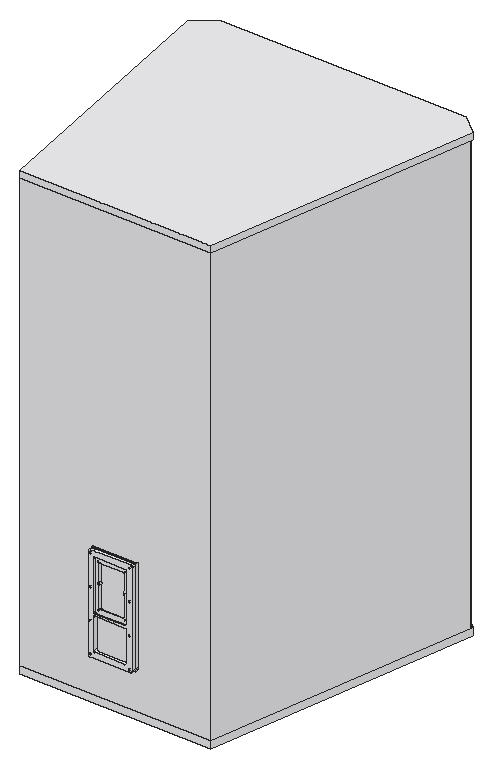
Revit family "EVC-1152-95", category Communication Devices, Revit 2017
Family settings
  Maintain Annotation Orientation = Yes
  Round Connector Dimension = Use Diameter
  Part Type = Normal
  OmniClass Number = 23.85.10.11.11.21
  OmniClass Title = Speakers
  Work Plane-Based = Yes
  Always vertical = Yes
  Cut with Voids When Loaded = No
  Shared = No
  Room Calculation Point = No
Parameters (values of type "EVC115295W_15"_Speaker_90x55_White")
  Uniclass2015Code = "Pr_60_75_08_02"
  URL = ""
  ProductInformation = "https://www.electrovoice.com/binary/EVC-1152-95_15__speaker_90x55_Datasheet_51_en_27960622859.pdf"
  PlanningTools = "https://www.electrovoice.com/product.php?id=2672"
  ModelNumber = "F.01U.329.296"
  Model = ""
  MaterialRALColour = "RAL9010"
  ManufacturerURL = "https://www.electrovoice.com"
  Manufacturer = "Electro Voice"
  LoudspeakerMaterial = 13-plyWeather-resistantBirchEVCoat -RAL9010
  Default Elevation = 0.00 mm
  Width = 433.00 mm  # constant formula
  InstallationManual = "https://www.electrovoice.com/binary/EVC-1152-95_15__speaker_90x55_Datasheet_51_en_27960622859.pdf"
  IfcExportType = "IfcBuildingElementProxyType"
  IfcExportAs = "IfcBuildingElementProxy"
  Length = 683.60 mm  # constant formula
  GrillMaterial = 16GA Powder-coatedGalvanneal - W
  Disclaimer = "http://resource.boschsecurity.com/information/BIM/Disclaimer_Electrovoice.pdf"
  Description = "15-inch, two-way loudspeaker, with 90˚ x 55˚ constant directivity, rotatable waveguide. Power rating: 350 W Continuous, (1400 W Peak). Passive system: 98 dB, 129 dB maximum. Gland nut cover and stainless steel grille on PI versions. Optional high quality transformer and patented. Automatic Saturation Control (ASC) preserve low end in 70V/100V lines."
  Depth = 451.40 mm  # constant formula
  CTN = "EVC115295W"
  ArchitectsAndEngineersSpecs = "https://www.electrovoice.com/binary/EVC-1152-95_15__speaker_90x55_Datasheet_51_en_27960622859.pdf"
Reference planes
  plane 1 "Center (Front/Back)": y = 0
  plane 2: z = 0
  plane 3 "Center (Left/Right)": x = 0
Forms (mm)
  Extrusion 1, solid, material "13-plyWeather-resistantBirchEVCoat -RAL9010" <- "LoudspeakerMaterial"
    sketch origin (0.172, 9, 0) x (1, 0, 0) y (0, 1, 0)
      loop
        line (-216.672, 407.4) -> (-144.836, 0) -> (144.492, 0) -> (216.328, 407.4) -> (185.686, 433.112)
        arc (185.686, 433.112) -> (-0.172, 442.4) -> (-186.03, 433.112) r 1864.11
        line (-186.03, 433.112) -> (-216.672, 407.4)
    from 0 to 10
  Extrusion 2, solid, material "13-plyWeather-resistantBirchEVCoat -RAL9010" <- "LoudspeakerMaterial"
    sketch origin (0.172, 9, 0) x (1, 0, 0) y (0, 1, 0)
      loop
        line (-144.836, 0) -> (144.492, 0) -> (215.446, 402.4) -> (210.369, 402.4) -> (140.297, 5) -> (-140.641, 5) -> (-210.713, 402.4) -> (-215.79, 402.4) -> (-144.836, 0)
    from 10 to 673.6
  Extrusion 3, solid, material "16GA Powder-coatedGalvanneal - W" <- "GrillMaterial"
    sketch origin (0.172, 9, 0) x (1, 0, 0) y (0, 1, 0)
      loop
        line (-213.959, 406.413) -> (-213.252, 402.4) -> (-210.713, 402.4) -> (-211.247, 405.425) -> (-183.998, 428.289)
        arc (-183.998, 428.289) -> (-0.172, 437.4) -> (183.654, 428.289) r 1859.11
        line (183.654, 428.289) -> (210.903, 405.425) -> (210.369, 402.4) -> (212.908, 402.4) -> (213.615, 406.413) -> (184.67, 430.701)
        arc (184.67, 430.701) -> (-0.172, 439.9) -> (-185.014, 430.701) r 1861.61
        line (-185.014, 430.701) -> (-213.959, 406.413)
    from 5 to 678.6
  Extrusion 4, solid, material "13-plyWeather-resistantBirchEVCoat -RAL9010" <- "LoudspeakerMaterial"
    sketch origin (0.172, 9, 673.6) x (0, -1, 0) y (1, 0, 0)
      loop
        line (-407.4, -216.672) -> (0, -144.836) -> (0, 144.492) -> (-407.4, 216.328) -> (-433.112, 185.686)
        arc (-433.112, 185.686) -> (-442.4, -0.172) -> (-433.112, -186.03) r 1864.11
        line (-433.112, -186.03) -> (-407.4, -216.672)
    from 0 to 10
Dimensions and locks
  "Depth": plane 1 "Center (Front/Back)" to Extrusion 4
  "Width": Extrusion 4 to Extrusion 4
  equal spacing: Extrusion 4, plane 3 "Center (Left/Right)", Extrusion 4
  "Length": Extrusion 1 to Extrusion 4
  aligned and locked: plane 2 to level
Automatic sketch dimensions
  Extrusion 1 sketch curve to plane 3 "Center (Left/Right)" = 0.00 mm
  Extrusion 1 sketch curve to plane 1 "Center (Front/Back)" = 9.00 mm
  Extrusion 1 sketch curve to plane 3 "Center (Left/Right)" = 144.664 mm
  Extrusion 1 sketch curve to plane 3 "Center (Left/Right)" = 185.858 mm
  Extrusion 1 sketch curve to Extrusion 1 sketch curve = 30.642 mm  (x2)
  plane 3 "Center (Left/Right)" to Extrusion 1 sketch curve = 144.664 mm
  plane 3 "Center (Left/Right)" to Extrusion 1 sketch curve = 185.858 mm
  plane 1 "Center (Front/Back)" to Extrusion 1 sketch curve = 1412.71 mm
  Extrusion 1 sketch curve to Extrusion 1 sketch curve = 407.40 mm  (x2)
  Extrusion 1 sketch curve to Extrusion 1 sketch curve = 25.712 mm
  Extrusion 2 sketch curve to plane 3 "Center (Left/Right)" = 215.618 mm
  Extrusion 2 sketch curve to Extrusion 2 sketch curve = 5.077 mm  (x2)
  Extrusion 2 sketch curve to plane 1 "Center (Front/Back)" = 9.00 mm
  Extrusion 2 sketch curve to plane 3 "Center (Left/Right)" = 144.664 mm
  Extrusion 2 sketch curve to plane 1 "Center (Front/Back)" = 14.00 mm
  Extrusion 2 sketch curve to Extrusion 2 sketch curve = 4.195 mm  (x2)
  plane 3 "Center (Left/Right)" to Extrusion 2 sketch curve = 140.469 mm
  plane 3 "Center (Left/Right)" to Extrusion 2 sketch curve = 210.541 mm
  Extrusion 2 sketch curve to Extrusion 2 sketch curve = 397.40 mm  (x2)
  Extrusion 3 sketch curve to Extrusion 3 sketch curve = 0.00 mm  (x2)
  Extrusion 3 sketch curve to plane 3 "Center (Left/Right)" = 0.00 mm
  Extrusion 3 sketch curve to plane 3 "Center (Left/Right)" = 183.826 mm
  Extrusion 3 sketch curve to Extrusion 3 sketch curve = 1.016 mm  (x2)
  Extrusion 3 sketch curve to Extrusion 3 sketch curve = 26.715 mm  (x2)
  Extrusion 3 sketch curve to Extrusion 3 sketch curve = 0.533 mm  (x2)
  Extrusion 3 sketch curve to Extrusion 3 sketch curve = 2.539 mm  (x2)
  Extrusion 3 sketch curve to Extrusion 3 sketch curve = 2.713 mm  (x2)
  plane 3 "Center (Left/Right)" to Extrusion 3 sketch curve = 183.826 mm
  plane 1 "Center (Front/Back)" to Extrusion 3 sketch curve = 1412.71 mm
  Extrusion 3 sketch curve to plane 1 "Center (Front/Back)" = 411.40 mm  (x2)
  Extrusion 3 sketch curve to Extrusion 3 sketch curve = 3.025 mm  (x2)
  Extrusion 3 sketch curve to Extrusion 3 sketch curve = 0.987 mm  (x2)
  Extrusion 3 sketch curve to Extrusion 3 sketch curve = 22.864 mm
  Extrusion 3 sketch curve to Extrusion 3 sketch curve = 2.411 mm
  Extrusion 4 sketch curve to plane 3 "Center (Left/Right)" = 0.00 mm
  Extrusion 4 sketch curve to plane 1 "Center (Front/Back)" = 442.112 mm
  Extrusion 4 sketch curve to plane 3 "Center (Left/Right)" = 185.858 mm
  Extrusion 4 sketch curve to Extrusion 4 sketch curve = 0.00 mm
  Extrusion 4 sketch curve to Extrusion 4 sketch curve = 25.712 mm  (x2)
  Extrusion 4 sketch curve to plane 1 "Center (Front/Back)" = 9.00 mm
  plane 1 "Center (Front/Back)" to Extrusion 4 sketch curve = 1412.71 mm
  Extrusion 4 sketch curve to Extrusion 4 sketch curve = 30.642 mm  (x2)
  Extrusion 4 sketch curve to plane 3 "Center (Left/Right)" = 144.664 mm
  plane 3 "Center (Left/Right)" to Extrusion 4 sketch curve = 144.664 mm
Nested families
  nested 1: "2D_CabinetLoudspeaker" at (0, 0, 0) x (-1, 0, 0) z (0, 0, 1), type "LoudSpeaker"
    with Pan2D 0.00°
  nested 2: "InputPanel_small" at (-33.614, 10, 140) x (0, 0, -1) z (1, 0, 0), LoudspeakerMaterial <- "LoudspeakerMaterial", type "InputPanel_small"
    with LoudspeakerMaterial 13-plyWeather-resistantBirchEVCoat -RAL9010
  nested 3: "L-EV" at (0.172, 448.475, 95) x (-1, 0, 0) z (0, 0, 1), type "L-EV"
Connectors
  electrical at (-0.023, 5, 167.216)
    settings: on nested 2, index 1, voltage 0 V, apparent load 0 VA, apparent load phase1 0 VA, apparent load phase2 0 VA, apparent load phase3 0 VA, power factor 1, load classification "Other", number of poles 1, system type 31, power factor state 1, is connector primary yes, connector utility no, sub classification motor no, connector description ""
Definition of nested family "InputPanel_small"
  Parameters (values of type "InputPanel_small")
    Material = ""
    LoudspeakerMaterial [instance] = none
    Default Elevation = 1219.20 mm
  Reference planes
    plane 1 "Center (Front/Back)": y = 0
    plane 2: z = 0
    plane 3 "Center (Left/Right)": x = 0
  Forms (mm)
    Extrusion 1, solid, material <- "LoudspeakerMaterial", not visible
      sketch origin (-97.521, -0.5, 198.121) x (-1, 0, 0) y (0, 0, -1)
        loop
          arc (-169.642, 198.043) -> (-170.257, 197.789) -> (-170.511, 197.174) r 0.869
          line (-170.511, 197.174) -> (-170.511, 131.84)
          arc (-170.511, 131.84) -> (-170.257, 131.226) -> (-169.642, 130.971) r 0.869
          line (-169.642, 130.971) -> (-25.396, 130.971)
          arc (-25.396, 130.971) -> (-24.782, 131.226) -> (-24.527, 131.84) r 0.869
          line (-24.527, 131.84) -> (-24.527, 197.174)
          arc (-24.527, 197.174) -> (-24.782, 197.789) -> (-25.396, 198.043) r 0.869
          line (-25.396, 198.043) -> (-169.642, 198.043)
      from 0 to -0.5
    Extrusion 2, solid, material <- "LoudspeakerMaterial", detail levels medium+fine
      sketch origin (1.214, 0, 125.108) x (-1, 0, 0) y (0, 0, -1)
        loop
          line (70.917, 125.031) -> (-68.488, 125.031)
          arc (-68.488, 125.031) -> (-70.813, 124.068) -> (-71.776, 121.743) r 3.288
          line (-71.776, 121.743) -> (-71.776, 61.229)
          arc (-71.776, 61.229) -> (-70.921, 59.026) -> (-68.815, 57.959) r 3.288
          line (-68.815, 57.959) -> (70.925, 57.959)
          arc (70.925, 57.959) -> (73.25, 58.922) -> (74.212, 61.247) r 3.288
          line (74.212, 61.247) -> (74.205, 121.743)
          arc (74.205, 121.743) -> (73.242, 124.068) -> (70.917, 125.031) r 3.288
        loop
          line (-16.102, 116.673) -> (-61.46, 116.673)
          arc (-61.46, 116.673) -> (-63.304, 115.909) -> (-64.067, 114.066) r 2.607
          line (-64.067, 114.066) -> (-64.067, 69.267)
          arc (-64.067, 69.267) -> (-63.304, 67.424) -> (-61.46, 66.66) r 2.607
          line (-61.46, 66.66) -> (-16.102, 66.658)
          arc (-16.102, 66.658) -> (-14.259, 67.424) -> (-13.495, 69.267) r 2.607
          line (-13.495, 69.267) -> (-13.495, 114.066)
          arc (-13.495, 114.066) -> (-14.259, 115.909) -> (-16.102, 116.673) r 2.607
        loop
          line (64.151, 116.673) -> (-8.801, 116.673)
          arc (-8.801, 116.673) -> (-10.645, 115.909) -> (-11.408, 114.066) r 2.607
          line (-11.408, 114.066) -> (-11.408, 69.267)
          arc (-11.408, 69.267) -> (-10.645, 67.424) -> (-8.801, 66.66) r 2.607
          line (-8.801, 66.66) -> (64.151, 66.658)
          arc (64.151, 66.658) -> (65.994, 67.424) -> (66.758, 69.267) r 2.607
          line (66.758, 69.267) -> (66.758, 114.066)
          arc (66.758, 114.066) -> (65.994, 115.909) -> (64.151, 116.673) r 2.607
        loop
          circle (-67.83, 121.068) r 1.368
        loop
          circle (-21.853, 121.068) r 1.368
        loop
          circle (24.255, 121.068) r 1.368
        loop
          circle (69.993, 121.068) r 1.368
        loop
          circle (-67.961, 61.771) r 1.368
        loop
          circle (-21.984, 61.771) r 1.368
        loop
          circle (24.124, 61.771) r 1.368
        loop
          circle (69.862, 61.771) r 1.368
      from 0 to 10
    Extrusion 3, solid, material <- "LoudspeakerMaterial", detail levels fine
      sketch origin (25.655, 0, 118.331) x (-1, 0, 0) y (0, 0, -1)
        loop
          arc (15.45, 109.952) -> (13.605, 109.187) -> (12.84, 107.342) r 2.61
          line (12.84, 107.342) -> (12.84, 62.493)
          arc (12.84, 62.493) -> (13.606, 60.646) -> (15.45, 59.881) r 2.61
          line (15.45, 59.881) -> (88.485, 59.883)
          arc (88.485, 59.883) -> (90.33, 60.647) -> (91.094, 62.493) r 2.61
          line (91.094, 62.493) -> (91.094, 107.342)
          arc (91.094, 107.342) -> (90.33, 109.187) -> (88.485, 109.952) r 2.61
          line (88.485, 109.952) -> (15.45, 109.952)
        loop
          line (53.049, 104.094) -> (20.673, 104.09)
          arc (20.673, 104.09) -> (20.25, 103.216) -> (19.475, 102.633) r 2.061
          line (19.475, 102.633) -> (19.479, 66.839)
          arc (19.479, 66.839) -> (20.255, 66.255) -> (20.677, 65.382) r 2.061
          line (20.677, 65.382) -> (53.053, 65.386)
          arc (53.053, 65.386) -> (55.067, 67.012) -> (57.082, 65.386) r 2.061
          line (57.082, 65.386) -> (82.875, 65.389)
          arc (82.875, 65.389) -> (83.297, 66.263) -> (84.073, 66.847) r 2.061
          line (84.073, 66.847) -> (84.068, 102.641)
          arc (84.068, 102.641) -> (83.293, 103.224) -> (82.87, 104.098) r 2.061
          line (82.87, 104.098) -> (57.077, 104.095)
          arc (57.077, 104.095) -> (55.063, 102.469) -> (53.049, 104.094) r 2.061
        loop
          circle (55.063, 104.529) r 0.832
        loop
          circle (55.063, 64.893) r 0.832
        loop
          circle (84.767, 104.529) r 0.832
        loop
          circle (84.767, 64.893) r 0.832
        loop
          circle (18.835, 104.529) r 0.832
        loop
          circle (18.835, 64.893) r 0.832
      from 7.5 to 5
    Extrusion 4, solid, material <- "LoudspeakerMaterial"
      sketch origin (1.214, 0, 125.108) x (-1, 0, 0) y (0, 0, -1)
        loop
          line (-71.776, 125.031) -> (-71.776, 57.959) -> (74.213, 57.959) -> (74.205, 125.031) -> (-71.776, 125.031)
      from 0 to 4.337
  Lines and regions (mm)
    model lines, not visible
      curve 1: arc (59.415, -9.5, 70.232) -> (59.756, -9.5, 68.636) -> (60.858, -9.5, 67.432) r 3.109
      curve 2: arc (59.414, -9.5, 82.845) -> (59.754, -9.5, 81.249) -> (60.857, -9.5, 80.045) r 3.109
      curve 3: arc (59.417, -9.5, 63.926) -> (59.752, -9.5, 62.34) -> (60.84, -9.5, 61.139) r 3.108
      curve 4: arc (59.415, -9.5, 76.539) -> (59.75, -9.5, 74.953) -> (60.838, -9.5, 73.752) r 3.108
      curve 5: arc (60.711, -9.5, 72.945) -> (59.72, -9.5, 71.753) -> (59.414, -9.5, 70.232) r 3.166
      curve 6: arc (60.71, -9.5, 85.557) -> (59.718, -9.5, 84.365) -> (59.412, -9.5, 82.845) r 3.166
      curve 7: arc (60.712, -9.5, 66.637) -> (59.721, -9.5, 65.445) -> (59.415, -9.5, 63.926) r 3.165
      curve 8: arc (60.71, -9.5, 79.25) -> (59.72, -9.5, 78.058) -> (59.414, -9.5, 76.539) r 3.165
      curve 9: arc (59.062, -9.5, 76.539) -> (58.721, -9.5, 78.135) -> (57.618, -9.5, 79.339) r 3.109
      curve 10: arc (59.063, -9.5, 63.926) -> (58.723, -9.5, 65.522) -> (57.62, -9.5, 66.726) r 3.109
      curve 11: arc (59.06, -9.5, 82.845) -> (58.725, -9.5, 84.431) -> (57.637, -9.5, 85.632) r 3.108
      curve 12: arc (59.062, -9.5, 70.232) -> (58.726, -9.5, 71.818) -> (57.638, -9.5, 73.019) r 3.108
      curve 13: arc (57.765, -9.5, 73.826) -> (58.757, -9.5, 75.018) -> (59.063, -9.5, 76.539) r 3.166
      curve 14: arc (57.767, -9.5, 61.214) -> (58.758, -9.5, 62.406) -> (59.065, -9.5, 63.926) r 3.166
      curve 15: arc (57.765, -9.5, 80.134) -> (58.756, -9.5, 81.326) -> (59.062, -9.5, 82.845) r 3.165
      curve 16: arc (57.767, -9.5, 67.521) -> (58.757, -9.5, 68.713) -> (59.063, -9.5, 70.232) r 3.165
      curve 17: arc (62.678, -9.5, 67.687) -> (63.752, -9.5, 68.757) -> (64.103, -9.5, 70.233) r 2.775
      curve 18: arc (63.369, -9.5, 67.367) -> (64.444, -9.5, 68.62) -> (64.794, -9.5, 70.233) r 3.371
      curve 19: arc (62.678, -9.5, 67.687) -> (62.999, -9.5, 67.474) -> (63.369, -9.5, 67.367) r 1.273
      curve 20: arc (62.676, -9.5, 80.299) -> (63.75, -9.5, 81.37) -> (64.101, -9.5, 82.846) r 2.775
      curve 21: arc (63.368, -9.5, 79.98) -> (64.442, -9.5, 81.233) -> (64.793, -9.5, 82.846) r 3.371
      curve 22: arc (62.676, -9.5, 80.299) -> (62.998, -9.5, 80.087) -> (63.368, -9.5, 79.98) r 1.273
      curve 23: arc (62.679, -9.5, 61.381) -> (63.752, -9.5, 62.452) -> (64.103, -9.5, 63.927) r 2.774
      curve 24: arc (63.37, -9.5, 61.062) -> (64.444, -9.5, 62.315) -> (64.794, -9.5, 63.927) r 3.37
      curve 25: arc (62.679, -9.5, 61.381) -> (63, -9.5, 61.169) -> (63.37, -9.5, 61.062) r 1.273
      curve 26: arc (62.677, -9.5, 73.994) -> (63.751, -9.5, 75.064) -> (64.101, -9.5, 76.539) r 2.774
      curve 27: arc (63.369, -9.5, 73.675) -> (64.442, -9.5, 74.927) -> (64.793, -9.5, 76.539) r 3.37
      curve 28: arc (62.677, -9.5, 73.994) -> (62.998, -9.5, 73.781) -> (63.369, -9.5, 73.675) r 1.273
      curve 29: arc (64.103, -9.5, 70.233) -> (63.752, -9.5, 71.708) -> (62.677, -9.5, 72.779) r 2.775
      curve 30: arc (63.369, -9.5, 73.098) -> (62.999, -9.5, 72.992) -> (62.677, -9.5, 72.779) r 1.273
      curve 31: arc (64.794, -9.5, 70.233) -> (64.443, -9.5, 71.846) -> (63.369, -9.5, 73.098) r 3.371
      curve 32: arc (64.101, -9.5, 82.846) -> (63.75, -9.5, 84.321) -> (62.676, -9.5, 85.392) r 2.775
      curve 33: arc (63.367, -9.5, 85.711) -> (62.997, -9.5, 85.604) -> (62.676, -9.5, 85.392) r 1.273
      curve 34: arc (64.793, -9.5, 82.846) -> (64.442, -9.5, 84.458) -> (63.367, -9.5, 85.711) r 3.371
      curve 35: arc (64.103, -9.5, 63.927) -> (63.752, -9.5, 65.401) -> (62.678, -9.5, 66.472) r 2.774
      curve 36: arc (63.37, -9.5, 66.791) -> (62.999, -9.5, 66.684) -> (62.678, -9.5, 66.472) r 1.273
      curve 37: arc (64.794, -9.5, 63.927) -> (64.444, -9.5, 65.539) -> (63.37, -9.5, 66.791) r 3.37
      curve 38: arc (64.101, -9.5, 76.539) -> (63.75, -9.5, 78.014) -> (62.676, -9.5, 79.084) r 2.774
      curve 39: arc (63.368, -9.5, 79.404) -> (62.998, -9.5, 79.297) -> (62.676, -9.5, 79.084) r 1.273
      curve 40: arc (64.793, -9.5, 76.539) -> (64.442, -9.5, 78.151) -> (63.368, -9.5, 79.404) r 3.37
      curve 41: arc (59.627, -9.5, 63.926) -> (59.978, -9.5, 62.451) -> (61.052, -9.5, 61.381) r 2.774
      curve 42: arc (61.051, -9.5, 66.471) -> (59.977, -9.5, 65.401) -> (59.627, -9.5, 63.926) r 2.774
      curve 43: arc (59.625, -9.5, 70.232) -> (59.976, -9.5, 68.757) -> (61.051, -9.5, 67.686) r 2.775
      curve 44: arc (61.05, -9.5, 72.779) -> (59.976, -9.5, 71.708) -> (59.625, -9.5, 70.232) r 2.775
      curve 45: arc (59.625, -9.5, 76.539) -> (59.976, -9.5, 75.064) -> (61.05, -9.5, 73.994) r 2.774
      curve 46: arc (61.049, -9.5, 79.084) -> (59.976, -9.5, 78.014) -> (59.625, -9.5, 76.539) r 2.774
      curve 47: arc (59.624, -9.5, 82.845) -> (59.975, -9.5, 81.37) -> (61.049, -9.5, 80.299) r 2.775
      curve 48: arc (61.049, -9.5, 85.391) -> (59.975, -9.5, 84.321) -> (59.624, -9.5, 82.845) r 2.775
      curve 49: arc (65.487, -9.5, 67.368) -> (66.537, -9.5, 68.57) -> (66.91, -9.5, 70.123) r 3.348
      curve 50: arc (65.485, -9.5, 79.98) -> (66.535, -9.5, 81.183) -> (66.909, -9.5, 82.735) r 3.348
      curve 51: arc (66.91, -9.5, 70.344) -> (66.536, -9.5, 71.896) -> (65.486, -9.5, 73.099) r 3.348
      curve 52: arc (66.909, -9.5, 82.956) -> (66.535, -9.5, 84.509) -> (65.485, -9.5, 85.711) r 3.348
      curve 53: arc (65.488, -9.5, 61.062) -> (66.543, -9.5, 62.278) -> (66.911, -9.5, 63.846) r 3.353
      curve 54: arc (65.486, -9.5, 73.675) -> (66.542, -9.5, 74.891) -> (66.909, -9.5, 76.458) r 3.353
      curve 55: arc (66.911, -9.5, 64.008) -> (66.543, -9.5, 65.576) -> (65.487, -9.5, 66.791) r 3.353
      curve 56: arc (66.909, -9.5, 76.621) -> (66.542, -9.5, 78.189) -> (65.485, -9.5, 79.404) r 3.353
      curve 57: arc (61.368, -9.5, 70.233) -> (61.701, -9.5, 68.86) -> (62.728, -9.5, 67.892) r 2.482
      curve 58: arc (61.369, -9.5, 63.926) -> (61.702, -9.5, 62.554) -> (62.729, -9.5, 61.585) r 2.482
      curve 59: arc (61.777, -9.5, 65.419) -> (61.47, -9.5, 64.701) -> (61.369, -9.5, 63.926) r 2.857
      curve 60: arc (62.453, -9.5, 65.577) -> (62.398, -9.5, 65.499) -> (62.347, -9.5, 65.419) r 2.446
      curve 61: arc (61.777, -9.5, 71.725) -> (61.469, -9.5, 71.007) -> (61.368, -9.5, 70.233) r 2.857
      curve 62: arc (62.452, -9.5, 71.883) -> (62.398, -9.5, 71.805) -> (62.346, -9.5, 71.725) r 2.446
      curve 63: arc (61.367, -9.5, 76.539) -> (61.7, -9.5, 75.167) -> (62.727, -9.5, 74.198) r 2.482
      curve 64: arc (61.367, -9.5, 82.845) -> (61.699, -9.5, 81.473) -> (62.727, -9.5, 80.504) r 2.482
      curve 65: arc (61.776, -9.5, 78.031) -> (61.469, -9.5, 77.313) -> (61.367, -9.5, 76.539) r 2.857
      curve 66: arc (62.452, -9.5, 78.19) -> (62.397, -9.5, 78.112) -> (62.345, -9.5, 78.032) r 2.446
      curve 67: arc (61.775, -9.5, 84.338) -> (61.468, -9.5, 83.62) -> (61.367, -9.5, 82.845) r 2.857
      curve 68: arc (62.451, -9.5, 84.496) -> (62.396, -9.5, 84.418) -> (62.345, -9.5, 84.338) r 2.446
      curve 69: arc (55.799, -9.5, 79.084) -> (54.725, -9.5, 78.014) -> (54.374, -9.5, 76.538) r 2.775
      curve 70: arc (55.107, -9.5, 79.404) -> (54.033, -9.5, 78.151) -> (53.682, -9.5, 76.538) r 3.371
      curve 71: arc (55.799, -9.5, 79.084) -> (55.478, -9.5, 79.297) -> (55.107, -9.5, 79.404) r 1.273
      curve 72: arc (55.8, -9.5, 66.472) -> (54.726, -9.5, 65.401) -> (54.376, -9.5, 63.925) r 2.775
      curve 73: arc (55.109, -9.5, 66.791) -> (54.035, -9.5, 65.538) -> (53.684, -9.5, 63.925) r 3.371
      curve 74: arc (55.8, -9.5, 66.472) -> (55.479, -9.5, 66.684) -> (55.109, -9.5, 66.791) r 1.273
      curve 75: arc (55.798, -9.5, 85.39) -> (54.725, -9.5, 84.319) -> (54.374, -9.5, 82.844) r 2.774
      curve 76: arc (55.107, -9.5, 85.709) -> (54.033, -9.5, 84.456) -> (53.682, -9.5, 82.844) r 3.37
      curve 77: arc (55.798, -9.5, 85.39) -> (55.477, -9.5, 85.602) -> (55.107, -9.5, 85.709) r 1.273
      curve 78: arc (55.8, -9.5, 72.777) -> (54.726, -9.5, 71.707) -> (54.376, -9.5, 70.232) r 2.774
      curve 79: arc (55.108, -9.5, 73.096) -> (54.034, -9.5, 71.844) -> (53.684, -9.5, 70.232) r 3.37
      curve 80: arc (55.8, -9.5, 72.777) -> (55.478, -9.5, 72.99) -> (55.108, -9.5, 73.096) r 1.273
      curve 81: arc (54.374, -9.5, 76.538) -> (54.725, -9.5, 75.063) -> (55.8, -9.5, 73.992) r 2.775
      curve 82: arc (55.108, -9.5, 73.673) -> (55.478, -9.5, 73.779) -> (55.8, -9.5, 73.992) r 1.273
      curve 83: arc (53.682, -9.5, 76.538) -> (54.033, -9.5, 74.925) -> (55.108, -9.5, 73.673) r 3.371
      curve 84: arc (54.376, -9.5, 63.925) -> (54.727, -9.5, 62.45) -> (55.801, -9.5, 61.379) r 2.775
      curve 85: arc (55.11, -9.5, 61.06) -> (55.48, -9.5, 61.167) -> (55.801, -9.5, 61.379) r 1.273
      curve 86: arc (53.684, -9.5, 63.925) -> (54.035, -9.5, 62.313) -> (55.11, -9.5, 61.06) r 3.371
      curve 87: arc (54.374, -9.5, 82.844) -> (54.725, -9.5, 81.369) -> (55.799, -9.5, 80.299) r 2.774
      curve 88: arc (55.107, -9.5, 79.98) -> (55.477, -9.5, 80.087) -> (55.799, -9.5, 80.299) r 1.273
      curve 89: arc (53.682, -9.5, 82.844) -> (54.033, -9.5, 81.232) -> (55.107, -9.5, 79.98) r 3.37
      curve 90: arc (54.376, -9.5, 70.232) -> (54.726, -9.5, 68.757) -> (55.8, -9.5, 67.687) r 2.774
      curve 91: arc (55.109, -9.5, 67.367) -> (55.479, -9.5, 67.474) -> (55.8, -9.5, 67.687) r 1.273
      curve 92: arc (53.684, -9.5, 70.232) -> (54.035, -9.5, 68.62) -> (55.109, -9.5, 67.367) r 3.37
      curve 93: arc (58.85, -9.5, 82.845) -> (58.499, -9.5, 84.32) -> (57.425, -9.5, 85.39) r 2.774
      curve 94: arc (57.426, -9.5, 80.3) -> (58.499, -9.5, 81.37) -> (58.85, -9.5, 82.845) r 2.774
      curve 95: arc (58.851, -9.5, 76.539) -> (58.5, -9.5, 78.014) -> (57.426, -9.5, 79.085) r 2.775
      curve 96: arc (57.427, -9.5, 73.992) -> (58.501, -9.5, 75.063) -> (58.851, -9.5, 76.539) r 2.775
      curve 97: arc (58.852, -9.5, 70.232) -> (58.501, -9.5, 71.707) -> (57.427, -9.5, 72.777) r 2.774
      curve 98: arc (57.427, -9.5, 67.687) -> (58.501, -9.5, 68.757) -> (58.852, -9.5, 70.232) r 2.774
      curve 99: arc (58.853, -9.5, 63.926) -> (58.502, -9.5, 65.401) -> (57.428, -9.5, 66.472) r 2.775
      curve 100: arc (57.428, -9.5, 61.38) -> (58.502, -9.5, 62.45) -> (58.853, -9.5, 63.926) r 2.775
      curve 101: arc (52.99, -9.5, 79.403) -> (51.94, -9.5, 78.2) -> (51.567, -9.5, 76.648) r 3.348
      curve 102: arc (52.991, -9.5, 66.791) -> (51.942, -9.5, 65.588) -> (51.568, -9.5, 64.036) r 3.348
      curve 103: arc (51.567, -9.5, 76.427) -> (51.94, -9.5, 74.875) -> (52.991, -9.5, 73.672) r 3.348
      curve 104: arc (51.568, -9.5, 63.815) -> (51.942, -9.5, 62.262) -> (52.992, -9.5, 61.06) r 3.348
      curve 105: arc (52.989, -9.5, 85.709) -> (51.933, -9.5, 84.493) -> (51.566, -9.5, 82.925) r 3.353
      curve 106: arc (52.991, -9.5, 73.096) -> (51.935, -9.5, 71.88) -> (51.567, -9.5, 70.313) r 3.353
      curve 107: arc (51.566, -9.5, 82.763) -> (51.934, -9.5, 81.195) -> (52.99, -9.5, 79.98) r 3.353
      curve 108: arc (51.567, -9.5, 70.15) -> (51.935, -9.5, 68.582) -> (52.991, -9.5, 67.367) r 3.353
      curve 109: arc (57.108, -9.5, 82.845) -> (56.775, -9.5, 84.217) -> (55.748, -9.5, 85.186) r 2.482
      curve 110: arc (57.109, -9.5, 76.538) -> (56.776, -9.5, 77.911) -> (55.749, -9.5, 78.879) r 2.482
      curve 111: arc (56.7, -9.5, 75.046) -> (57.007, -9.5, 75.764) -> (57.109, -9.5, 76.538) r 2.857
      curve 112: arc (56.024, -9.5, 74.888) -> (56.079, -9.5, 74.966) -> (56.131, -9.5, 75.046) r 2.446
      curve 113: arc (56.699, -9.5, 81.352) -> (57.007, -9.5, 82.07) -> (57.108, -9.5, 82.845) r 2.857
      curve 114: arc (56.024, -9.5, 81.194) -> (56.078, -9.5, 81.272) -> (56.13, -9.5, 81.352) r 2.446
      curve 115: arc (57.109, -9.5, 70.232) -> (56.777, -9.5, 71.604) -> (55.749, -9.5, 72.573) r 2.482
      curve 116: arc (57.11, -9.5, 63.926) -> (56.777, -9.5, 65.298) -> (55.75, -9.5, 66.267) r 2.482
      curve 117: arc (56.702, -9.5, 62.433) -> (57.009, -9.5, 63.151) -> (57.11, -9.5, 63.926) r 2.857
      curve 118: arc (56.026, -9.5, 62.275) -> (56.081, -9.5, 62.353) -> (56.132, -9.5, 62.433) r 2.446
      curve 119: arc (56.701, -9.5, 68.739) -> (57.008, -9.5, 69.458) -> (57.109, -9.5, 70.232) r 2.857
      curve 120: arc (56.025, -9.5, 68.581) -> (56.08, -9.5, 68.659) -> (56.131, -9.5, 68.739) r 2.446
      curve 121: spline (77.962, -9.5, 59.963) -> (78.093, -9.5, 59.972) -> (78.223, -9.5, 59.998) -> (78.348, -9.5, 60.04) -> (78.466, -9.5, 60.099) -> (78.576, -9.5, 60.172) -> (78.675, -9.5, 60.259) -> (78.762, -9.5, 60.358) -> (78.835, -9.5, 60.468) -> (78.894, -9.5, 60.586) -> (78.936, -9.5, 60.711) -> (78.962, -9.5, 60.841) -> (78.97, -9.5, 60.972)
      curve 122: spline (78.967, -9.5, 85.803) -> (78.959, -9.5, 85.935) -> (78.933, -9.5, 86.065) -> (78.891, -9.5, 86.19) -> (78.832, -9.5, 86.308) -> (78.759, -9.5, 86.418) -> (78.672, -9.5, 86.517) -> (78.573, -9.5, 86.604) -> (78.463, -9.5, 86.677) -> (78.344, -9.5, 86.735) -> (78.22, -9.5, 86.778) -> (78.09, -9.5, 86.804) -> (77.958, -9.5, 86.812)
      curve 123: spline (40.515, -9.5, 86.808) -> (40.383, -9.5, 86.799) -> (40.254, -9.5, 86.773) -> (40.129, -9.5, 86.731) -> (40.01, -9.5, 86.672) -> (39.901, -9.5, 86.599) -> (39.801, -9.5, 86.512) -> (39.714, -9.5, 86.413) -> (39.641, -9.5, 86.303) -> (39.583, -9.5, 86.185) -> (39.54, -9.5, 86.06) -> (39.515, -9.5, 85.93) -> (39.506, -9.5, 85.799)
      curve 124: spline (39.509, -9.5, 60.97) -> (39.517, -9.5, 60.838) -> (39.543, -9.5, 60.708) -> (39.585, -9.5, 60.583) -> (39.643, -9.5, 60.464) -> (39.717, -9.5, 60.354) -> (39.804, -9.5, 60.255) -> (39.903, -9.5, 60.168) -> (40.013, -9.5, 60.094) -> (40.131, -9.5, 60.036) -> (40.256, -9.5, 59.993) -> (40.386, -9.5, 59.967) -> (40.518, -9.5, 59.959)
      curve 125: spline (40.57, -9.5, 86.753) -> (40.438, -9.5, 86.744) -> (40.309, -9.5, 86.718) -> (40.184, -9.5, 86.676) -> (40.065, -9.5, 86.617) -> (39.956, -9.5, 86.544) -> (39.856, -9.5, 86.457) -> (39.769, -9.5, 86.358) -> (39.696, -9.5, 86.248) -> (39.638, -9.5, 86.13) -> (39.595, -9.5, 86.005) -> (39.57, -9.5, 85.875) -> (39.561, -9.5, 85.744)
      curve 126: spline (39.564, -9.5, 61.023) -> (39.573, -9.5, 60.891) -> (39.598, -9.5, 60.761) -> (39.641, -9.5, 60.636) -> (39.699, -9.5, 60.518) -> (39.773, -9.5, 60.408) -> (39.86, -9.5, 60.309) -> (39.959, -9.5, 60.222) -> (40.069, -9.5, 60.149) -> (40.187, -9.5, 60.091) -> (40.312, -9.5, 60.048) -> (40.441, -9.5, 60.022) -> (40.573, -9.5, 60.014)
      curve 127: spline (78.912, -9.5, 85.748) -> (78.904, -9.5, 85.88) -> (78.878, -9.5, 86.01) -> (78.835, -9.5, 86.134) -> (78.777, -9.5, 86.253) -> (78.704, -9.5, 86.363) -> (78.617, -9.5, 86.462) -> (78.518, -9.5, 86.549) -> (78.408, -9.5, 86.622) -> (78.289, -9.5, 86.68) -> (78.164, -9.5, 86.723) -> (78.035, -9.5, 86.749) -> (77.903, -9.5, 86.757)
      curve 128: spline (77.907, -9.5, 60.018) -> (78.038, -9.5, 60.027) -> (78.168, -9.5, 60.053) -> (78.293, -9.5, 60.095) -> (78.411, -9.5, 60.154) -> (78.521, -9.5, 60.227) -> (78.62, -9.5, 60.314) -> (78.707, -9.5, 60.413) -> (78.78, -9.5, 60.523) -> (78.839, -9.5, 60.641) -> (78.881, -9.5, 60.766) -> (78.907, -9.5, 60.896) -> (78.915, -9.5, 61.027)
      curve 129: line (63.979, -9.5, 70.233) -> (63.818, -9.5, 71.221)
      curve 130: line (63.818, -9.5, 71.221) -> (63.359, -9.5, 72.059)
      curve 131: line (63.359, -9.5, 72.059) -> (62.673, -9.5, 72.618)
      curve 132: line (62.673, -9.5, 72.618) -> (61.864, -9.5, 72.815)
      curve 133: line (61.864, -9.5, 72.815) -> (61.054, -9.5, 72.618)
      curve 134: line (61.054, -9.5, 72.618) -> (60.368, -9.5, 72.058)
      curve 135: line (60.368, -9.5, 72.058) -> (59.91, -9.5, 71.221)
      curve 136: line (59.91, -9.5, 71.221) -> (59.749, -9.5, 70.232)
      curve 137: line (59.749, -9.5, 70.232) -> (59.91, -9.5, 69.244)
      curve 138: line (59.91, -9.5, 69.244) -> (60.369, -9.5, 68.407)
      curve 139: line (60.369, -9.5, 68.407) -> (61.055, -9.5, 67.847)
      curve 140: line (61.055, -9.5, 67.847) -> (61.864, -9.5, 67.651)
      curve 141: line (61.864, -9.5, 67.651) -> (62.674, -9.5, 67.847)
      curve 142: line (62.674, -9.5, 67.847) -> (63.36, -9.5, 68.407)
      curve 143: line (63.36, -9.5, 68.407) -> (63.815, -9.5, 69.238)
      curve 144: line (63.818, -9.5, 69.245) -> (64.103, -9.5, 70.233)
      curve 145: line (64.103, -9.5, 70.233) -> (64.794, -9.5, 70.233)
      curve 146: line (64.794, -9.5, 70.233) -> (66.912, -9.5, 70.233)
      curve 147: line (66.912, -9.5, 70.233) -> (66.911, -9.5, 64.008)
      curve 148: line (63.978, -9.5, 82.846) -> (63.817, -9.5, 83.834)
      curve 149: line (63.817, -9.5, 83.834) -> (63.358, -9.5, 84.671)
      curve 150: line (63.358, -9.5, 84.671) -> (62.672, -9.5, 85.231)
      curve 151: line (62.672, -9.5, 85.231) -> (61.862, -9.5, 85.427)
      curve 152: line (61.862, -9.5, 85.427) -> (61.053, -9.5, 85.231)
      curve 153: line (61.053, -9.5, 85.231) -> (60.367, -9.5, 84.671)
      curve 154: line (60.367, -9.5, 84.671) -> (59.908, -9.5, 83.833)
      curve 155: line (59.908, -9.5, 83.833) -> (59.747, -9.5, 82.845)
      curve 156: line (59.747, -9.5, 82.845) -> (59.908, -9.5, 81.857)
      curve 157: line (59.908, -9.5, 81.857) -> (60.367, -9.5, 81.019)
      curve 158: line (60.367, -9.5, 81.019) -> (61.053, -9.5, 80.46)
      curve 159: line (61.053, -9.5, 80.46) -> (61.863, -9.5, 80.263)
      curve 160: line (61.863, -9.5, 80.263) -> (62.672, -9.5, 80.46)
      curve 161: line (62.672, -9.5, 80.46) -> (63.358, -9.5, 81.02)
      curve 162: line (63.358, -9.5, 81.02) -> (63.813, -9.5, 81.851)
      curve 163: line (63.817, -9.5, 81.857) -> (64.101, -9.5, 82.846)
      curve 164: line (64.101, -9.5, 82.846) -> (64.793, -9.5, 82.846)
      curve 165: line (64.793, -9.5, 82.846) -> (66.91, -9.5, 82.846)
      curve 166: line (66.91, -9.5, 82.846) -> (66.909, -9.5, 76.621)
      curve 167: line (63.98, -9.5, 63.927) -> (63.819, -9.5, 64.915)
      curve 168: line (63.819, -9.5, 64.915) -> (63.36, -9.5, 65.752)
      curve 169: line (63.36, -9.5, 65.752) -> (62.674, -9.5, 66.312)
      curve 170: line (62.674, -9.5, 66.312) -> (61.864, -9.5, 66.508)
      curve 171: line (61.864, -9.5, 66.508) -> (61.055, -9.5, 66.312)
      curve 172: line (61.055, -9.5, 66.312) -> (60.369, -9.5, 65.752)
      curve 173: line (60.369, -9.5, 65.752) -> (59.911, -9.5, 64.914)
      curve 174: line (59.911, -9.5, 64.914) -> (59.75, -9.5, 63.926)
      curve 175: line (59.75, -9.5, 63.926) -> (59.911, -9.5, 62.938)
      curve 176: line (59.911, -9.5, 62.938) -> (60.369, -9.5, 62.1)
      curve 177: line (60.369, -9.5, 62.1) -> (61.056, -9.5, 61.541)
      curve 178: line (61.056, -9.5, 61.541) -> (61.865, -9.5, 61.344)
      curve 179: line (61.865, -9.5, 61.344) -> (62.675, -9.5, 61.541)
      curve 180: line (62.675, -9.5, 61.541) -> (63.361, -9.5, 62.101)
      curve 181: line (63.361, -9.5, 62.101) -> (63.815, -9.5, 62.932)
      curve 182: line (63.819, -9.5, 62.938) -> (64.103, -9.5, 63.927)
      curve 183: line (64.103, -9.5, 63.927) -> (64.794, -9.5, 63.927)
      curve 184: line (64.794, -9.5, 63.927) -> (66.912, -9.5, 63.927)
      curve 185: line (66.912, -9.5, 63.927) -> (66.911, -9.5, 60.774)
      curve 186: line (66.911, -9.5, 60.774) -> (65.488, -9.5, 60.774)
      curve 187: line (65.488, -9.5, 60.774) -> (68.6, -9.5, 60.646)
      curve 188: line (68.6, -9.5, 60.646) -> (68.722, -9.5, 60.469)
      curve 189: line (68.722, -9.5, 60.469) -> (65.589, -9.5, 60.469)
      curve 190: line (65.589, -9.5, 60.469) -> (65.467, -9.5, 60.646)
      curve 191: line (63.978, -9.5, 76.539) -> (63.817, -9.5, 77.527)
      curve 192: line (63.817, -9.5, 77.527) -> (63.359, -9.5, 78.365)
      curve 193: line (63.359, -9.5, 78.365) -> (62.672, -9.5, 78.925)
      curve 194: line (62.672, -9.5, 78.925) -> (61.863, -9.5, 79.121)
      curve 195: line (61.863, -9.5, 79.121) -> (61.054, -9.5, 78.924)
      curve 196: line (61.054, -9.5, 78.924) -> (60.367, -9.5, 78.365)
      curve 197: line (60.367, -9.5, 78.365) -> (59.909, -9.5, 77.527)
      curve 198: line (59.909, -9.5, 77.527) -> (59.748, -9.5, 76.539)
      curve 199: line (59.748, -9.5, 76.539) -> (59.909, -9.5, 75.551)
      curve 200: line (59.909, -9.5, 75.551) -> (60.368, -9.5, 74.713)
      curve 201: line (60.368, -9.5, 74.713) -> (61.054, -9.5, 74.153)
      curve 202: line (61.054, -9.5, 74.153) -> (61.864, -9.5, 73.957)
      curve 203: line (61.864, -9.5, 73.957) -> (62.673, -9.5, 74.153)
      curve 204: line (62.673, -9.5, 74.153) -> (63.359, -9.5, 74.713)
      curve 205: line (63.359, -9.5, 74.713) -> (63.814, -9.5, 75.544)
      curve 206: line (63.818, -9.5, 75.551) -> (64.101, -9.5, 76.539)
      curve 207: line (64.101, -9.5, 76.539) -> (64.793, -9.5, 76.539)
      curve 208: line (64.793, -9.5, 76.539) -> (66.91, -9.5, 76.54)
      curve 209: line (66.91, -9.5, 76.54) -> (66.91, -9.5, 70.344)
      curve 210: line (61.049, -9.5, 85.998) -> (60.837, -9.5, 85.998)
      curve 211: line (60.837, -9.5, 85.998) -> (60.837, -9.5, 85.655)
      curve 212: line (60.916, -9.5, 85.517) -> (61.049, -9.5, 85.391)
      curve 213: line (61.049, -9.5, 85.391) -> (61.049, -9.5, 85.998)
      curve 214: line (61.049, -9.5, 85.998) -> (62.676, -9.5, 85.999)
      curve 215: line (62.676, -9.5, 85.999) -> (62.676, -9.5, 85.392)
      curve 216: line (62.676, -9.5, 79.084) -> (62.676, -9.5, 80.299)
      curve 217: line (62.677, -9.5, 72.779) -> (62.677, -9.5, 73.994)
      curve 218: line (62.678, -9.5, 66.472) -> (62.678, -9.5, 67.687)
      curve 219: line (61.052, -9.5, 60.773) -> (60.84, -9.5, 60.773)
      curve 220: line (60.84, -9.5, 60.773) -> (60.84, -9.5, 61.139)
      curve 221: line (60.918, -9.5, 61.255) -> (61.052, -9.5, 61.381)
      curve 222: line (61.052, -9.5, 61.381) -> (61.052, -9.5, 60.773)
      curve 223: line (61.052, -9.5, 60.773) -> (62.679, -9.5, 60.773)
      curve 224: line (62.679, -9.5, 60.773) -> (62.679, -9.5, 61.381)
      curve 225: line (60.839, -9.5, 66.735) -> (60.842, -9.5, 67.413)
      curve 226: line (60.918, -9.5, 67.56) -> (61.051, -9.5, 67.686)
      curve 227: line (61.051, -9.5, 67.686) -> (61.051, -9.5, 66.471)
      curve 228: line (61.051, -9.5, 66.471) -> (60.918, -9.5, 66.598)
      curve 229: line (61.05, -9.5, 72.779) -> (61.05, -9.5, 73.994)
      curve 230: line (61.05, -9.5, 73.994) -> (60.917, -9.5, 73.867)
      curve 231: line (60.838, -9.5, 73.752) -> (60.838, -9.5, 73.043)
      curve 232: line (60.917, -9.5, 72.905) -> (61.05, -9.5, 72.779)
      curve 233: line (60.838, -9.5, 79.348) -> (60.841, -9.5, 80.026)
      curve 234: line (60.916, -9.5, 80.173) -> (61.049, -9.5, 80.299)
      curve 235: line (61.049, -9.5, 80.299) -> (61.049, -9.5, 79.084)
      curve 236: line (61.049, -9.5, 79.084) -> (60.916, -9.5, 79.21)
      curve 237: line (65.486, -9.5, 73.675) -> (63.369, -9.5, 73.675)
      curve 238: line (63.369, -9.5, 73.675) -> (63.369, -9.5, 73.098)
      curve 239: line (63.369, -9.5, 73.098) -> (65.486, -9.5, 73.099)
      curve 240: line (65.486, -9.5, 73.099) -> (65.486, -9.5, 73.675)
      curve 241: line (65.487, -9.5, 67.368) -> (65.487, -9.5, 66.791)
      curve 242: line (65.487, -9.5, 66.791) -> (63.37, -9.5, 66.791)
      curve 243: line (63.37, -9.5, 66.791) -> (63.369, -9.5, 67.367)
      curve 244: line (63.369, -9.5, 67.367) -> (65.487, -9.5, 67.368)
      curve 245: line (65.485, -9.5, 79.98) -> (65.485, -9.5, 79.404)
      curve 246: line (65.485, -9.5, 79.404) -> (63.368, -9.5, 79.404)
      curve 247: line (63.368, -9.5, 79.404) -> (63.368, -9.5, 79.98)
      curve 248: line (63.368, -9.5, 79.98) -> (65.485, -9.5, 79.98)
      curve 249: line (63.37, -9.5, 60.773) -> (65.488, -9.5, 60.774)
      curve 250: line (65.488, -9.5, 60.774) -> (65.488, -9.5, 61.062)
      curve 251: line (65.488, -9.5, 61.062) -> (63.37, -9.5, 61.062)
      curve 252: line (63.37, -9.5, 61.062) -> (63.37, -9.5, 60.773)
      curve 253: line (63.37, -9.5, 60.773) -> (62.679, -9.5, 60.773)
      curve 254: line (62.676, -9.5, 85.999) -> (63.367, -9.5, 85.999)
      curve 255: line (63.367, -9.5, 85.999) -> (63.367, -9.5, 85.711)
      curve 256: line (63.367, -9.5, 85.711) -> (65.485, -9.5, 85.711)
      curve 257: line (65.485, -9.5, 85.711) -> (65.485, -9.5, 85.999)
      curve 258: line (65.485, -9.5, 85.999) -> (63.367, -9.5, 85.999)
      curve 259: line (63.973, -9.5, 63.722) -> (62.18, -9.5, 65.91)
      curve 260: line (62.18, -9.5, 65.91) -> (62.671, -9.5, 66.243)
      curve 261: line (63.973, -9.5, 70.028) -> (62.179, -9.5, 72.217)
      curve 262: line (62.179, -9.5, 72.217) -> (62.67, -9.5, 72.549)
      curve 263: line (63.946, -9.5, 63.467) -> (62.347, -9.5, 65.419)
      curve 264: line (62.347, -9.5, 65.419) -> (61.777, -9.5, 65.419)
      curve 265: line (61.777, -9.5, 65.419) -> (63.815, -9.5, 62.932)
      curve 266: line (63.945, -9.5, 69.773) -> (62.346, -9.5, 71.725)
      curve 267: line (62.346, -9.5, 71.725) -> (61.777, -9.5, 71.725)
      curve 268: line (61.777, -9.5, 71.725) -> (63.815, -9.5, 69.238)
      curve 269: line (63.945, -9.5, 76.08) -> (62.345, -9.5, 78.032)
      curve 270: line (62.345, -9.5, 78.032) -> (61.776, -9.5, 78.031)
      curve 271: line (61.776, -9.5, 78.031) -> (63.814, -9.5, 75.544)
      curve 272: line (63.972, -9.5, 76.334) -> (62.178, -9.5, 78.523)
      curve 273: line (62.178, -9.5, 78.523) -> (62.669, -9.5, 78.856)
      curve 274: line (63.971, -9.5, 82.641) -> (62.178, -9.5, 84.829)
      curve 275: line (62.178, -9.5, 84.829) -> (62.669, -9.5, 85.162)
      curve 276: line (63.944, -9.5, 82.386) -> (62.345, -9.5, 84.338)
      curve 277: line (62.345, -9.5, 84.338) -> (61.775, -9.5, 84.338)
      curve 278: line (61.775, -9.5, 84.338) -> (63.813, -9.5, 81.851)
      curve 279: line (66.909, -9.5, 82.956) -> (66.908, -9.5, 85.999)
      curve 280: line (66.908, -9.5, 85.999) -> (72.332, -9.5, 86)
      curve 281: line (72.332, -9.5, 86) -> (72.335, -9.5, 60.774)
      curve 282: line (72.335, -9.5, 60.774) -> (66.911, -9.5, 60.774)
      curve 283: line (65.485, -9.5, 85.999) -> (66.908, -9.5, 85.999)
      curve 284: line (72.332, -9.5, 86) -> (72.658, -9.5, 86)
      curve 285: line (72.658, -9.5, 86) -> (72.661, -9.5, 60.775)
      curve 286: line (72.661, -9.5, 60.775) -> (72.335, -9.5, 60.774)
      curve 287: line (72.335, -9.5, 60.774) -> (72.464, -9.5, 60.647)
      curve 288: line (72.464, -9.5, 60.647) -> (72.586, -9.5, 60.47)
      curve 289: line (73.116, -9.5, 67.379) -> (73.115, -9.5, 72.891)
      curve 290: line (73.115, -9.5, 72.891) -> (77.33, -9.5, 72.891)
      curve 291: line (77.33, -9.5, 72.891) -> (77.331, -9.5, 67.379)
      curve 292: line (77.331, -9.5, 67.379) -> (73.116, -9.5, 67.379)
      curve 293: line (77.331, -9.5, 66.783) -> (77.332, -9.5, 61.272)
      curve 294: line (77.332, -9.5, 61.272) -> (73.116, -9.5, 61.271)
      curve 295: line (73.116, -9.5, 61.271) -> (73.116, -9.5, 66.783)
      curve 296: line (73.116, -9.5, 66.783) -> (77.331, -9.5, 66.783)
      curve 297: line (72.661, -9.5, 60.775) -> (77.787, -9.5, 60.775)
      curve 298: line (77.787, -9.5, 60.775) -> (77.784, -9.5, 86)
      curve 299: line (77.784, -9.5, 86) -> (72.658, -9.5, 86)
      curve 300: line (73.114, -9.5, 79.991) -> (73.113, -9.5, 85.503)
      curve 301: line (73.113, -9.5, 85.503) -> (77.329, -9.5, 85.504)
      curve 302: line (77.329, -9.5, 85.504) -> (77.329, -9.5, 79.992)
      curve 303: line (77.329, -9.5, 79.992) -> (73.114, -9.5, 79.991)
      curve 304: line (77.329, -9.5, 79.396) -> (77.33, -9.5, 73.884)
      curve 305: line (77.33, -9.5, 73.884) -> (73.115, -9.5, 73.884)
      curve 306: line (73.115, -9.5, 73.884) -> (73.114, -9.5, 79.396)
      curve 307: line (73.114, -9.5, 79.396) -> (77.329, -9.5, 79.396)
      curve 308: line (73.114, -9.5, 81.158) -> (74.522, -9.5, 81.159)
      curve 309: line (74.522, -9.5, 81.159) -> (74.848, -9.5, 80.47)
      curve 310: line (74.848, -9.5, 80.47) -> (75.233, -9.5, 79.992)
      curve 311: line (73.116, -9.5, 68.546) -> (74.524, -9.5, 68.546)
      curve 312: line (74.524, -9.5, 68.546) -> (74.849, -9.5, 67.858)
      curve 313: line (74.849, -9.5, 67.858) -> (75.235, -9.5, 67.379)
      curve 314: line (73.114, -9.5, 78.229) -> (74.523, -9.5, 78.229)
      curve 315: line (74.523, -9.5, 78.229) -> (74.848, -9.5, 78.917)
      curve 316: line (74.848, -9.5, 78.917) -> (75.233, -9.5, 79.396)
      curve 317: line (73.116, -9.5, 65.616) -> (74.524, -9.5, 65.616)
      curve 318: line (74.524, -9.5, 65.616) -> (74.85, -9.5, 66.304)
      curve 319: line (74.85, -9.5, 66.304) -> (75.235, -9.5, 66.783)
      curve 320: line (73.116, -9.5, 62.239) -> (74.525, -9.5, 62.24)
      curve 321: line (74.525, -9.5, 62.24) -> (74.85, -9.5, 61.552)
      curve 322: line (74.85, -9.5, 61.552) -> (75.076, -9.5, 61.271)
      curve 323: line (73.115, -9.5, 74.852) -> (74.523, -9.5, 74.852)
      curve 324: line (74.523, -9.5, 74.852) -> (74.849, -9.5, 74.164)
      curve 325: line (74.849, -9.5, 74.164) -> (75.074, -9.5, 73.884)
      curve 326: line (73.115, -9.5, 71.922) -> (74.524, -9.5, 71.923)
      curve 327: line (74.524, -9.5, 71.923) -> (74.849, -9.5, 72.611)
      curve 328: line (75.074, -9.5, 72.891) -> (74.849, -9.5, 72.611)
      curve 329: line (74.849, -9.5, 72.611) -> (74.849, -9.5, 67.858)
      curve 330: line (73.114, -9.5, 84.535) -> (74.522, -9.5, 84.535)
      curve 331: line (74.522, -9.5, 84.535) -> (74.847, -9.5, 85.223)
      curve 332: line (74.847, -9.5, 85.223) -> (74.848, -9.5, 80.47)
      curve 333: line (75.073, -9.5, 85.503) -> (74.847, -9.5, 85.223)
      curve 334: line (74.524, -9.5, 65.616) -> (74.525, -9.5, 62.24)
      curve 335: line (74.523, -9.5, 78.229) -> (74.523, -9.5, 74.852)
      curve 336: line (74.524, -9.5, 68.546) -> (74.524, -9.5, 71.923)
      curve 337: line (74.522, -9.5, 81.159) -> (74.522, -9.5, 84.535)
      curve 338: line (72.586, -9.5, 60.208) -> (75.719, -9.5, 60.209)
      curve 339: line (75.719, -9.5, 60.209) -> (75.719, -9.5, 60.47)
      curve 340: line (75.719, -9.5, 60.47) -> (72.586, -9.5, 60.47)
      curve 341: line (72.586, -9.5, 60.47) -> (72.586, -9.5, 60.208)
      curve 342: line (72.586, -9.5, 60.208) -> (72.005, -9.5, 60.208)
      curve 343: line (72.005, -9.5, 60.208) -> (72.005, -9.5, 60.47)
      curve 344: line (72.005, -9.5, 60.47) -> (72.127, -9.5, 60.774)
      curve 345: line (72.464, -9.5, 60.647) -> (75.597, -9.5, 60.647)
      curve 346: line (75.597, -9.5, 60.647) -> (75.719, -9.5, 60.47)
      curve 347: line (76.233, -9.5, 66.783) -> (76.233, -9.5, 61.272)
      curve 348: line (76.231, -9.5, 79.396) -> (76.232, -9.5, 73.884)
      curve 349: line (76.232, -9.5, 72.891) -> (76.233, -9.5, 67.379)
      curve 350: line (76.23, -9.5, 85.504) -> (76.231, -9.5, 79.992)
      curve 351: line (74.85, -9.5, 66.304) -> (74.85, -9.5, 61.552)
      curve 352: line (74.848, -9.5, 78.917) -> (74.849, -9.5, 74.164)
      curve 353: line (65.589, -9.5, 60.469) -> (65.589, -9.5, 60.208)
      curve 354: line (65.589, -9.5, 60.208) -> (65.009, -9.5, 60.207)
      curve 355: line (65.009, -9.5, 60.207) -> (65.009, -9.5, 60.469)
      curve 356: line (65.009, -9.5, 60.469) -> (65.131, -9.5, 60.646)
      curve 357: line (65.589, -9.5, 60.208) -> (68.722, -9.5, 60.208)
      curve 358: line (68.722, -9.5, 60.208) -> (68.722, -9.5, 60.469)
      curve 359: line (54.498, -9.5, 76.538) -> (54.659, -9.5, 75.55)
      curve 360: line (54.659, -9.5, 75.55) -> (55.117, -9.5, 74.712)
      curve 361: line (55.117, -9.5, 74.712) -> (55.804, -9.5, 74.153)
      curve 362: line (55.804, -9.5, 74.153) -> (56.613, -9.5, 73.956)
      curve 363: line (56.613, -9.5, 73.956) -> (57.422, -9.5, 74.153)
      curve 364: line (57.422, -9.5, 74.153) -> (58.109, -9.5, 74.713)
      curve 365: line (58.109, -9.5, 74.713) -> (58.567, -9.5, 75.55)
      curve 366: line (58.567, -9.5, 75.55) -> (58.728, -9.5, 76.539)
      curve 367: line (58.728, -9.5, 76.539) -> (58.567, -9.5, 77.527)
      curve 368: line (58.567, -9.5, 77.527) -> (58.108, -9.5, 78.364)
      curve 369: line (58.108, -9.5, 78.364) -> (57.422, -9.5, 78.924)
      curve 370: line (57.422, -9.5, 78.924) -> (56.612, -9.5, 79.12)
      curve 371: line (56.612, -9.5, 79.12) -> (55.803, -9.5, 78.924)
      curve 372: line (55.803, -9.5, 78.924) -> (55.117, -9.5, 78.364)
      curve 373: line (55.117, -9.5, 78.364) -> (54.662, -9.5, 77.533)
      curve 374: line (54.659, -9.5, 77.526) -> (54.374, -9.5, 76.538)
      curve 375: line (54.374, -9.5, 76.538) -> (53.682, -9.5, 76.538)
      curve 376: line (53.682, -9.5, 76.538) -> (51.565, -9.5, 76.538)
      curve 377: line (51.565, -9.5, 76.538) -> (51.566, -9.5, 82.763)
      curve 378: line (54.499, -9.5, 63.925) -> (54.66, -9.5, 62.937)
      curve 379: line (54.66, -9.5, 62.937) -> (55.119, -9.5, 62.1)
      curve 380: line (55.119, -9.5, 62.1) -> (55.805, -9.5, 61.54)
      curve 381: line (55.805, -9.5, 61.54) -> (56.615, -9.5, 61.344)
      curve 382: line (56.615, -9.5, 61.344) -> (57.424, -9.5, 61.54)
      curve 383: line (57.424, -9.5, 61.54) -> (58.11, -9.5, 62.1)
      curve 384: line (58.11, -9.5, 62.1) -> (58.569, -9.5, 62.938)
      curve 385: line (58.569, -9.5, 62.938) -> (58.729, -9.5, 63.926)
      curve 386: line (58.729, -9.5, 63.926) -> (58.568, -9.5, 64.914)
      curve 387: line (58.568, -9.5, 64.914) -> (58.11, -9.5, 65.752)
      curve 388: line (58.11, -9.5, 65.752) -> (57.423, -9.5, 66.311)
      curve 389: line (57.423, -9.5, 66.311) -> (56.614, -9.5, 66.508)
      curve 390: line (56.614, -9.5, 66.508) -> (55.805, -9.5, 66.311)
      curve 391: line (55.805, -9.5, 66.311) -> (55.118, -9.5, 65.751)
      curve 392: line (55.118, -9.5, 65.751) -> (54.664, -9.5, 64.92)
      curve 393: line (54.66, -9.5, 64.914) -> (54.376, -9.5, 63.925)
      curve 394: line (54.376, -9.5, 63.925) -> (53.684, -9.5, 63.925)
      curve 395: line (53.684, -9.5, 63.925) -> (51.566, -9.5, 63.925)
      curve 396: line (51.566, -9.5, 63.925) -> (51.567, -9.5, 70.15)
      curve 397: line (54.497, -9.5, 82.844) -> (54.658, -9.5, 81.856)
      curve 398: line (54.658, -9.5, 81.856) -> (55.117, -9.5, 81.019)
      curve 399: line (55.117, -9.5, 81.019) -> (55.803, -9.5, 80.459)
      curve 400: line (55.803, -9.5, 80.459) -> (56.612, -9.5, 80.263)
      curve 401: line (56.612, -9.5, 80.263) -> (57.422, -9.5, 80.459)
      curve 402: line (57.422, -9.5, 80.459) -> (58.108, -9.5, 81.019)
      curve 403: line (58.108, -9.5, 81.019) -> (58.566, -9.5, 81.857)
      curve 404: line (58.566, -9.5, 81.857) -> (58.727, -9.5, 82.845)
      curve 405: line (58.727, -9.5, 82.845) -> (58.566, -9.5, 83.833)
      curve 406: line (58.566, -9.5, 83.833) -> (58.107, -9.5, 84.671)
      curve 407: line (58.107, -9.5, 84.671) -> (57.421, -9.5, 85.23)
      curve 408: line (57.421, -9.5, 85.23) -> (56.612, -9.5, 85.427)
      curve 409: line (56.612, -9.5, 85.427) -> (55.802, -9.5, 85.23)
      curve 410: line (55.802, -9.5, 85.23) -> (55.116, -9.5, 84.67)
      curve 411: line (55.116, -9.5, 84.67) -> (54.661, -9.5, 83.839)
      curve 412: line (54.658, -9.5, 83.833) -> (54.374, -9.5, 82.844)
      curve 413: line (54.374, -9.5, 82.844) -> (53.682, -9.5, 82.844)
      curve 414: line (53.682, -9.5, 82.844) -> (51.565, -9.5, 82.844)
      curve 415: line (51.565, -9.5, 82.844) -> (51.565, -9.5, 85.997)
      curve 416: line (54.498, -9.5, 70.232) -> (54.66, -9.5, 69.244)
      curve 417: line (54.66, -9.5, 69.244) -> (55.118, -9.5, 68.406)
      curve 418: line (55.118, -9.5, 68.406) -> (55.804, -9.5, 67.846)
      curve 419: line (55.804, -9.5, 67.846) -> (56.614, -9.5, 67.65)
      curve 420: line (56.614, -9.5, 67.65) -> (57.423, -9.5, 67.847)
      curve 421: line (57.423, -9.5, 67.847) -> (58.109, -9.5, 68.406)
      curve 422: line (58.109, -9.5, 68.406) -> (58.568, -9.5, 69.244)
      curve 423: line (58.568, -9.5, 69.244) -> (58.729, -9.5, 70.232)
      curve 424: line (58.729, -9.5, 70.232) -> (58.568, -9.5, 71.22)
      curve 425: line (58.568, -9.5, 71.22) -> (58.109, -9.5, 72.058)
      curve 426: line (58.109, -9.5, 72.058) -> (57.423, -9.5, 72.618)
      curve 427: line (57.423, -9.5, 72.618) -> (56.613, -9.5, 72.814)
      curve 428: line (56.613, -9.5, 72.814) -> (55.804, -9.5, 72.617)
      curve 429: line (55.804, -9.5, 72.617) -> (55.118, -9.5, 72.058)
      curve 430: line (55.118, -9.5, 72.058) -> (54.663, -9.5, 71.227)
      curve 431: line (54.659, -9.5, 71.22) -> (54.376, -9.5, 70.232)
      curve 432: line (54.376, -9.5, 70.232) -> (53.684, -9.5, 70.232)
      curve 433: line (53.684, -9.5, 70.232) -> (51.566, -9.5, 70.231)
      curve 434: line (51.566, -9.5, 70.231) -> (51.567, -9.5, 76.427)
      curve 435: line (57.428, -9.5, 60.773) -> (57.64, -9.5, 60.773)
      curve 436: line (57.64, -9.5, 60.773) -> (57.64, -9.5, 61.116)
      curve 437: line (57.561, -9.5, 61.254) -> (57.428, -9.5, 61.38)
      curve 438: line (57.428, -9.5, 61.38) -> (57.428, -9.5, 60.773)
      curve 439: line (57.428, -9.5, 60.773) -> (55.801, -9.5, 60.772)
      curve 440: line (55.801, -9.5, 60.772) -> (55.801, -9.5, 61.379)
      curve 441: line (55.8, -9.5, 67.687) -> (55.8, -9.5, 66.472)
      curve 442: line (55.8, -9.5, 73.992) -> (55.8, -9.5, 72.777)
      curve 443: line (55.799, -9.5, 80.299) -> (55.799, -9.5, 79.084)
      curve 444: line (57.425, -9.5, 85.998) -> (57.637, -9.5, 85.998)
      curve 445: line (57.637, -9.5, 85.998) -> (57.637, -9.5, 85.632)
      curve 446: line (57.558, -9.5, 85.516) -> (57.425, -9.5, 85.39)
      curve 447: line (57.425, -9.5, 85.39) -> (57.425, -9.5, 85.998)
      curve 448: line (57.425, -9.5, 85.998) -> (55.798, -9.5, 85.998)
      curve 449: line (55.798, -9.5, 85.998) -> (55.798, -9.5, 85.39)
      curve 450: line (57.638, -9.5, 80.036) -> (57.634, -9.5, 79.358)
      curve 451: line (57.559, -9.5, 79.211) -> (57.426, -9.5, 79.085)
      curve 452: line (57.426, -9.5, 79.085) -> (57.426, -9.5, 80.3)
      curve 453: line (57.426, -9.5, 80.3) -> (57.559, -9.5, 80.173)
      curve 454: line (57.427, -9.5, 73.992) -> (57.427, -9.5, 72.777)
      curve 455: line (57.427, -9.5, 72.777) -> (57.56, -9.5, 72.903)
      curve 456: line (57.638, -9.5, 73.019) -> (57.638, -9.5, 73.728)
      curve 457: line (57.56, -9.5, 73.866) -> (57.427, -9.5, 73.992)
      curve 458: line (57.639, -9.5, 67.423) -> (57.636, -9.5, 66.745)
      curve 459: line (57.561, -9.5, 66.598) -> (57.428, -9.5, 66.472)
      curve 460: line (57.428, -9.5, 66.472) -> (57.427, -9.5, 67.687)
      curve 461: line (57.427, -9.5, 67.687) -> (57.561, -9.5, 67.561)
      curve 462: line (52.991, -9.5, 73.096) -> (55.108, -9.5, 73.096)
      curve 463: line (55.108, -9.5, 73.096) -> (55.108, -9.5, 73.673)
      curve 464: line (55.108, -9.5, 73.673) -> (52.991, -9.5, 73.672)
      curve 465: line (52.991, -9.5, 73.672) -> (52.991, -9.5, 73.096)
      curve 466: line (52.99, -9.5, 79.403) -> (52.99, -9.5, 79.98)
      curve 467: line (52.99, -9.5, 79.98) -> (55.107, -9.5, 79.98)
      curve 468: line (55.107, -9.5, 79.98) -> (55.107, -9.5, 79.404)
      curve 469: line (55.107, -9.5, 79.404) -> (52.99, -9.5, 79.403)
      curve 470: line (52.991, -9.5, 66.791) -> (52.991, -9.5, 67.367)
      curve 471: line (52.991, -9.5, 67.367) -> (55.109, -9.5, 67.367)
      curve 472: line (55.109, -9.5, 67.367) -> (55.109, -9.5, 66.791)
      curve 473: line (55.109, -9.5, 66.791) -> (52.991, -9.5, 66.791)
      curve 474: line (55.107, -9.5, 85.998) -> (52.989, -9.5, 85.997)
      curve 475: line (52.989, -9.5, 85.997) -> (52.989, -9.5, 85.709)
      curve 476: line (52.989, -9.5, 85.709) -> (55.107, -9.5, 85.709)
      curve 477: line (55.107, -9.5, 85.709) -> (55.107, -9.5, 85.998)
      curve 478: line (55.107, -9.5, 85.998) -> (55.798, -9.5, 85.998)
      curve 479: line (55.801, -9.5, 60.772) -> (55.11, -9.5, 60.772)
      curve 480: line (55.11, -9.5, 60.772) -> (55.11, -9.5, 61.06)
      curve 481: line (55.11, -9.5, 61.06) -> (52.992, -9.5, 61.06)
      curve 482: line (52.992, -9.5, 61.06) -> (52.992, -9.5, 60.772)
      curve 483: line (52.992, -9.5, 60.772) -> (55.11, -9.5, 60.772)
